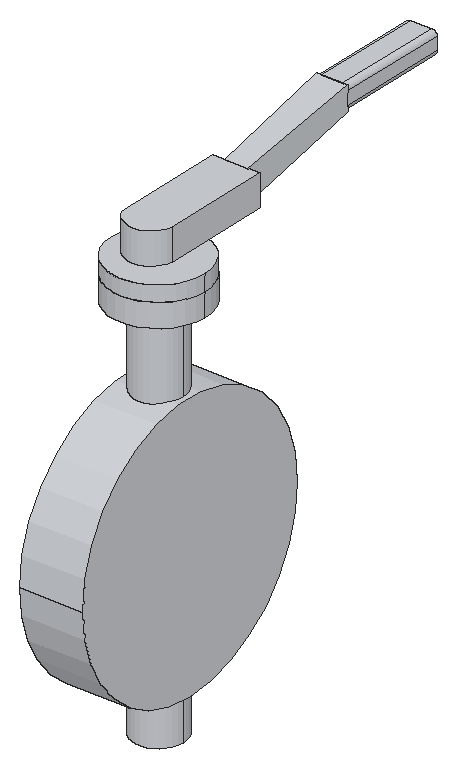
Revit family "HS497-68_disk-nerez_s pákou DN200-RFA_2019", category Pipe Accessories, Revit 2019
Family settings
  Round Connector Dimension = Use Diameter
  Part Type = Valve - Breaks Into
  Work Plane-Based = No
  Always vertical = Yes
  Cut with Voids When Loaded = No
  Shared = No
Parameters (values of type "HS 497-68_DN200_PN16_s pákou")
  magiProductId = "f88d96c7af224537a51e72d7d8fffe"
  magiProductFamilyId = "53cea81e6f374d17b8841d9c72ad77"
  magiPartTypeId = 305
  isMeasuringValve [instance] = no
  ang2D [instance] = 0.00°
  X11 = 61.456 mm
  X1 = 25.456 mm
  W2D = 1000 mm
  VersionID = "2.0/2017.9.26.1/ZETKAMA_497_001"
  Use Minimum Symbol Size [instance] = yes
  URL = "http://www.hydronic.cz"
  Type Comments = "mezipřírubová; nerezový disk; PN16; -10~+110°C (krátkodobě +120°C)"
  SW30 = no
  SW3 = no
  SW21 = no
  SW20 = yes
  SW2 = yes
  SW1 = no
  R = 100 mm
  QmdConnectorList = "301;D;302;D"
  Productdata [instance] = ""
  NC = 50 mm
  Manufacturer = "Hydronic Systems Prague s.r.o."
  MM20 = 25.456 mm
  MC Product Code = "121 200 (nerezový disk, s pákou; DN200; PN16, kvs2675)"
  M41 = 66 mm
  M4 = 44 mm
  LHL = 315 mm
  LHH3 = 3.75 mm
  LHH1 = 71.25 mm
  LH1 = 105 mm
  L4R__ve = -L4R  # -12.8 mm
  L4R = 12.8 mm
  L42__ve = -L42  # -96 mm
  L42 = 96 mm
  L41__ve = -L41  # -19.2 mm
  L41 = 19.2 mm
  L2D_Min = 3048 mm
  L2D = 216 mm
  L2 = 30 mm
  L1 = 48 mm
  L = 60 mm
  H = 33 mm
  G22 = 11.25 mm
  G2 = 22.5 mm
  G1 = 90 mm
  G = 90 mm
  F = 17 mm
  E44 = 31.25 mm
  E42 = 62.5 mm
  E4 = 125 mm
  E23 = 7.5 mm
  E22 = 30 mm
  E21 = 15 mm
  Description = "Mezipřírubová uzavírací klapka s pákou; nerezový disk, DN200; PN16; kvs2675"
  DR2 = 100 mm
  DR = 257 mm
  DD1 = 15.625 mm
  DD = 12.5 mm
  D = 200 mm
  CAT0 = yes
  B2__ve = -B2  # -70 mm
  B2 = 70 mm
  A2 = 22.5 mm
  A1 = 102.5 mm
Types (43, lengths in mm): name | magiProductId | X11 | X1 | Type Comments | SW30 | SW3 | SW20 | SW2 | SW1 | R | NC | Manufacturer | MM20 | MC Product Code | M41 | M4 | LHL | LHH3 | LHH1 | LH1 | L4R__ve | L4R | L42__ve | L42 | L41__ve | L41 | L2 | L1 | L | H | G | F | E44 | E42 | E4 | E23 | E22 | E21 | Description | DR2 | DR | DD1 | DD | D | B2__ve | B2 | A2 | A1
  HS 497-68_DN100_PN16_volné vřeteno | "65d1b245f4f142c78569c0602d5754" | 61.456 | 25.456 | "mezipřírubová; nerezový disk; PN16; -10~+110°C (krátkodobě +120°C)" | no | no | no | no | yes | 50 | 50 | "Hydronic Systems Prague s.r.o." | 25.456 | "124 100 (nerezový disk, s volným vřetenem; DN100; PN16, kvs512)" | 66 | 44 | 220 | 2.45 | 46.55 | 73.333 | -12.8 | 12.8 | -96 | 96 | -19.2 | 19.2 | 26 | 41.6 | 52 | 30 | 90 | 11 | 31.25 | 62.5 | 125 | 4.9 | 19.6 | 9.8 | "Mezipřírubová uzavírací klapka s volným vřetenem; nerezový disk, DN100; PN16; kvs512" | 50 | 147 | 15.625 | 12.5 | 100 | -56 | 56 | 16.5 | 98.5
  HS 497-68_DN100_PN16_převodové kolo | "11e91b807e674d428c8e796fcdcfe2" | 61.456 | 25.456 | "mezipřírubová; nerezový disk; PN16; -10~+110°C (krátkodobě +120°C)" | yes | yes | no | no | no | 50 | 50 | "Hydronic Systems Prague s.r.o." | 25.456 | "126 100 (nerezový disk, s převodovým kolem; DN100; PN16, kvs512)" | 65.25 | 43.5 | 220 | 2.45 | 46.55 | 73.333 | -12.8 | 12.8 | -96 | 96 | -19.2 | 19.2 | 26 | 41.6 | 52 | 30 | 90 | 11 | 31.25 | 62.5 | 125 | 4.9 | 19.6 | 9.8 | "Mezipřírubová uzavírací klapka s převodovým kolem; nerezový disk, DN100; PN16; kvs512" | 50 | 147 | 15.625 | 12.5 | 100 | -56 | 56 | 16.5 | 98.5
  HS 497-68_DN100_PN16_s pákou | "28172f0b3f4b47b28323ac71cf8749" | 61.456 | 25.456 | "mezipřírubová; nerezový disk; PN16; -10~+110°C (krátkodobě +120°C)" | no | no | yes | yes | no | 50 | 50 | "Hydronic Systems Prague s.r.o." | 25.456 | "121 100 (nerezový disk, s pákou; DN100; PN16, kvs512)" | 66 | 44 | 260 | 3 | 57 | 86.667 | -12.8 | 12.8 | -96 | 96 | -19.2 | 19.2 | 26 | 41.6 | 52 | 30 | 90 | 11 | 31.25 | 62.5 | 125 | 6 | 24 | 12 | "Mezipřírubová uzavírací klapka s pákou; nerezový disk, DN100; PN16; kvs512" | 50 | 147 | 15.625 | 12.5 | 100 | -56 | 56 | 16.5 | 98.5
  HS 497-68_DN125_PN16_volné vřeteno | "0d813d910fc14f628bb3c2efbd185c" | 61.456 | 25.456 | "mezipřírubová; nerezový disk; PN16; -10~+110°C (krátkodobě +120°C)" | no | no | no | no | yes | 62.5 | 50 | "Hydronic Systems Prague s.r.o." | 25.456 | "124 125 (nerezový disk, s volným vřetenem; DN125; PN16, kvs872)" | 66 | 44 | 220 | 2.45 | 46.55 | 73.333 | -12.8 | 12.8 | -96 | 96 | -19.2 | 19.2 | 28 | 44.8 | 56 | 33 | 90 | 14 | 31.25 | 62.5 | 125 | 4.9 | 19.6 | 9.8 | "Mezipřírubová uzavírací klapka s volným vřetenem; nerezový disk, DN125; PN16; kvs872" | 62.5 | 180 | 15.625 | 12.5 | 125 | -64 | 64 | 18 | 99.5
  HS 497-68_DN125_PN16_převodové kolo | "c56b7c13f372467684996fb1e0e229" | 61.456 | 25.456 | "mezipřírubová; nerezový disk; PN16; -10~+110°C (krátkodobě +120°C)" | yes | yes | no | no | no | 62.5 | 50 | "Hydronic Systems Prague s.r.o." | 25.456 | "126125 (nerezový disk, s převodovým kolem; DN125; PN16, kvs872)" | 65.25 | 43.5 | 220 | 2.45 | 46.55 | 73.333 | -13.5 | 13.5 | -101.25 | 101.25 | -20.25 | 20.25 | 28 | 44.8 | 56 | 33 | 90 | 14 | 40 | 80 | 160 | 4.9 | 19.6 | 9.8 | "Mezipřírubová uzavírací klapka s převodovým kolem; nerezový disk, DN125; PN16; kvs872" | 62.5 | 180 | 20 | 16 | 125 | -64 | 64 | 18 | 99.5
  HS 497-68_DN125_PN16_s pákou | "105993c79a91492399feef7931321a" | 61.456 | 25.456 | "mezipřírubová; nerezový disk; PN16; -10~+110°C (krátkodobě +120°C)" | no | no | yes | yes | no | 62.5 | 50 | "Hydronic Systems Prague s.r.o." | 25.456 | "121 125 (nerezový disk, s pákou; DN125; PN16, kvs872)" | 66 | 44 | 315 | 3.75 | 71.25 | 105 | -12.8 | 12.8 | -96 | 96 | -19.2 | 19.2 | 28 | 44.8 | 56 | 33 | 90 | 14 | 31.25 | 62.5 | 125 | 7.5 | 30 | 15 | "Mezipřírubová uzavírací klapka s pákou; nerezový disk, DN125; PN16; kvs872" | 62.5 | 180 | 15.625 | 12.5 | 125 | -64 | 64 | 18 | 99.5
  HS 497-68_DN150_PN16_volné vřeteno | "50c80cb8ab434f55ab7796e5ac1331" | 61.456 | 25.456 | "mezipřírubová; nerezový disk; PN16; -10~+110°C (krátkodobě +120°C)" | no | no | no | no | yes | 75 | 50 | "Hydronic Systems Prague s.r.o." | 25.456 | "124 150 (nerezový disk, s volným vřetenem; DN150; PN16, kvs1347)" | 66 | 44 | 220 | 2.45 | 46.55 | 73.333 | -12.8 | 12.8 | -96 | 96 | -19.2 | 19.2 | 28 | 44.8 | 56 | 33 | 90 | 14 | 31.25 | 62.5 | 125 | 4.9 | 19.6 | 9.8 | "Mezipřírubová uzavírací klapka s volným vřetenem; nerezový disk, DN150; PN16; kvs1347" | 75 | 206 | 15.625 | 12.5 | 150 | -58 | 58 | 19.3 | 98.7
  HS 497-68_DN150_PN16_převodové kolo | "d94a1a0cf83b476eb10011b327f709" | 61.456 | 25.456 | "mezipřírubová; nerezový disk; PN16; -10~+110°C (krátkodobě +120°C)" | yes | yes | no | no | no | 75 | 50 | "Hydronic Systems Prague s.r.o." | 25.456 | "126 150 (nerezový disk, s převodovým kolem; DN150; PN16, kvs1347)" | 65.25 | 43.5 | 220 | 2.45 | 46.55 | 73.333 | -13.5 | 13.5 | -101.25 | 101.25 | -20.25 | 20.25 | 28 | 44.8 | 56 | 33 | 90 | 14 | 40 | 80 | 160 | 4.9 | 19.6 | 9.8 | "Mezipřírubová uzavírací klapka s převodovým kolem; nerezový disk, DN150; PN16; kvs1347" | 75 | 206 | 20 | 16 | 150 | -58 | 58 | 19.3 | 98.7
  HS 497-68_DN150_PN16_s pákou | "4d2835523fe84828bc50ff0a5a0dfb" | 61.456 | 25.456 | "mezipřírubová; nerezový disk; PN16; -10~+110°C (krátkodobě +120°C)" | no | no | yes | yes | no | 75 | 50 | "Hydronic Systems Prague s.r.o." | 25.456 | "121 150 (nerezový disk, s pákou; DN150; PN16, kvs1347)" | 66 | 44 | 315 | 3.75 | 71.25 | 105 | -12.8 | 12.8 | -96 | 96 | -19.2 | 19.2 | 28 | 44.8 | 56 | 33 | 90 | 14 | 31.25 | 62.5 | 125 | 7.5 | 30 | 15 | "Mezipřírubová uzavírací klapka s pákou; nerezový disk, DN150; PN16; kvs1347" | 75 | 206 | 15.625 | 12.5 | 150 | -58 | 58 | 19.3 | 98.7
  HS 497-68_DN200_PN16_volné vřeteno | "5b29029eaeba47139ee1055a4b9201" | 61.456 | 25.456 | "mezipřírubová; nerezový disk; PN16; -10~+110°C (krátkodobě +120°C)" | no | no | no | no | yes | 100 | 50 | "Hydronic Systems Prague s.r.o." | 25.456 | "124 200 (nerezový disk, s volným vřetenem; DN200; PN16, kvs2675)" | 66 | 44 | 220 | 2.45 | 46.55 | 73.333 | -12.8 | 12.8 | -96 | 96 | -19.2 | 19.2 | 30 | 48 | 60 | 33 | 90 | 17 | 31.25 | 62.5 | 125 | 4.9 | 19.6 | 9.8 | "Mezipřírubová uzavírací klapka s volným vřetenem; nerezový disk, DN200; PN16; kvs2675" | 100 | 257 | 15.625 | 12.5 | 200 | -70 | 70 | 22.5 | 102.5
  HS 497-68_DN200_PN16_převodové kolo | "b2793cc1fcc44cf2a35062cd67c04f" | 61.456 | 25.456 | "mezipřírubová; nerezový disk; PN16; -10~+110°C (krátkodobě +120°C)" | yes | yes | no | no | no | 100 | 57 | "Hydronic Systems Prague s.r.o." | 25.456 | "126 200 (nerezový disk, s převodovým kolem; DN200; PN16, kvs2675)" | 78.75 | 52.5 | 220 | 2.45 | 46.55 | 73.333 | -15.2 | 15.2 | -114 | 114 | -22.8 | 22.8 | 30 | 48 | 60 | 33 | 90 | 17 | 50 | 100 | 200 | 4.9 | 19.6 | 9.8 | "Mezipřírubová uzavírací klapka s převodovým kolem; nerezový disk, DN200; PN16; kvs2675" | 100 | 257 | 25 | 20 | 200 | -70 | 70 | 22.5 | 102.5
  HS 497-68_DN200_PN16_s pákou | "f88d96c7af224537a51e72d7d8fffe" | 61.456 | 25.456 | "mezipřírubová; nerezový disk; PN16; -10~+110°C (krátkodobě +120°C)" | no | no | yes | yes | no | 100 | 50 | "Hydronic Systems Prague s.r.o." | 25.456 | "121 200 (nerezový disk, s pákou; DN200; PN16, kvs2675)" | 66 | 44 | 315 | 3.75 | 71.25 | 105 | -12.8 | 12.8 | -96 | 96 | -19.2 | 19.2 | 30 | 48 | 60 | 33 | 90 | 17 | 31.25 | 62.5 | 125 | 7.5 | 30 | 15 | "Mezipřírubová uzavírací klapka s pákou; nerezový disk, DN200; PN16; kvs2675" | 100 | 257 | 15.625 | 12.5 | 200 | -70 | 70 | 22.5 | 102.5
  HS 497-68_DN250_PN16_volné vřeteno | "b662e8305ca2402b9c510e66e6aa55" | 88.77 | 36.77 | "mezipřírubová; nerezový disk; PN16; -10~+110°C (krátkodobě +120°C)" | no | no | no | no | yes | 125 | 50 | "Hydronic Systems Prague s.r.o." | 36.77 | "124 250 (nerezový disk, s volným vřetenem; DN250; PN16, kvs4555)" | 66 | 44 | 220 | 2.45 | 46.55 | 73.333 | -12.8 | 12.8 | -96 | 96 | -19.2 | 19.2 | 34 | 54.4 | 68 | 23 | 130 | 22 | 31.25 | 62.5 | 125 | 4.9 | 19.6 | 9.8 | "Mezipřírubová uzavírací klapka s volným vřetenem; nerezový disk, DN250; PN16; kvs4555" | 125 | 324 | 15.625 | 12.5 | 250 | -85 | 85 | 28.25 | 129.25
  HS 497-68_DN250_PN16_převodové kolo | "5ee9016806664ddfaa2632711f295c" | 88.77 | 36.77 | "mezipřírubová; nerezový disk; PN16; -10~+110°C (krátkodobě +120°C)" | yes | yes | no | no | no | 125 | 70 | "Hydronic Systems Prague s.r.o." | 36.77 | "126 250 (nerezový disk, s převodovým kolem; DN250; PN16, kvs4555)" | 91.5 | 61 | 220 | 2.45 | 46.55 | 73.333 | -22.2 | 22.2 | -166.5 | 166.5 | -33.3 | 33.3 | 34 | 54.4 | 68 | 23 | 130 | 22 | 62.5 | 125 | 250 | 4.9 | 19.6 | 9.8 | "Mezipřírubová uzavírací klapka s převodovým kolem; nerezový disk, DN250; PN16; kvs4555" | 125 | 324 | 31.25 | 25 | 250 | -85 | 85 | 28.25 | 129.25
  HS 497-68_DN300_PN16_volné vřeteno | "e1886f51ff004380a649519258edf2" | 88.77 | 36.77 | "mezipřírubová; nerezový disk; PN16; -10~+110°C (krátkodobě +120°C)" | no | no | no | no | yes | 150 | 50 | "Hydronic Systems Prague s.r.o." | 36.77 | "124 300 (nerezový disk, s volným vřetenem; DN300; PN16, kvs7037)" | 66 | 44 | 220 | 2.45 | 46.55 | 73.333 | -12.8 | 12.8 | -96 | 96 | -19.2 | 19.2 | 39 | 62.4 | 78 | 23 | 130 | 22 | 31.25 | 62.5 | 125 | 4.9 | 19.6 | 9.8 | "Mezipřírubová uzavírací klapka s volným vřetenem; nerezový disk, DN300; PN16; kvs7037" | 150 | 376 | 15.625 | 12.5 | 300 | -90 | 90 | 30.8 | 127.2
  HS 497-68_DN300_PN16_převodové kolo | "6860f094f77d42088fbebc3c97f755" | 88.77 | 36.77 | "mezipřírubová; nerezový disk; PN16; -10~+110°C (krátkodobě +120°C)" | yes | yes | no | no | no | 150 | 70 | "Hydronic Systems Prague s.r.o." | 36.77 | "126 300 (nerezový disk, s převodovým kolem; DN300; PN16, kvs7037)" | 91.5 | 61 | 220 | 2.45 | 46.55 | 73.333 | -22.2 | 22.2 | -166.5 | 166.5 | -33.3 | 33.3 | 39 | 62.4 | 78 | 23 | 130 | 22 | 62.5 | 125 | 250 | 4.9 | 19.6 | 9.8 | "Mezipřírubová uzavírací klapka s převodovým kolem; nerezový disk, DN300; PN16; kvs7037" | 150 | 376 | 31.25 | 25 | 300 | -90 | 90 | 30.8 | 127.2
  HS 497-68_DN032_PN16_volné vřeteno | "8c5f65de52aa4067a77564107e31b2" | 61.456 | 25.456 | "mezipřírubová; nerezový disk; PN16; -10~+110°C (krátkodobě +120°C)" | no | no | no | no | yes | 16 | 50 | "Hydronic Systems Prague s.r.o." | 25.456 | "124 032 (nerezový disk, s volným vřetenem; DN32; PN16, kvs78)" | 66 | 44 | 220 | 2.45 | 46.55 | 73.333 | -12.8 | 12.8 | -96 | 96 | -19.2 | 19.2 | 16.5 | 26.4 | 33 | 30 | 90 | 11 | 31.25 | 62.5 | 125 | 4.9 | 19.6 | 9.8 | "Mezipřírubová uzavírací klapka s volným vřetenem; nerezový disk, DN32; PN16; kvs78" | 16 | 68 | 15.625 | 12.5 | 32 | -44.2 | 44.2 | 10.25 | 76.25
  HS 497-68_DN032_PN16_převodové kolo | "60aaeffa8b3a4e809ef000e4660060" | 61.456 | 25.456 | "mezipřírubová; nerezový disk; PN16; -10~+110°C (krátkodobě +120°C)" | yes | yes | no | no | no | 16 | 50 | "Hydronic Systems Prague s.r.o." | 25.456 | "126 032 (nerezový disk, s převodovým kolem; DN32; PN16, kvs78)" | 65.25 | 43.5 | 220 | 2.45 | 46.55 | 73.333 | -12.8 | 12.8 | -96 | 96 | -19.2 | 19.2 | 16.5 | 26.4 | 33 | 30 | 90 | 11 | 31.25 | 62.5 | 125 | 4.9 | 19.6 | 9.8 | "Mezipřírubová uzavírací klapka s převodovým kolem; nerezový disk, DN32; PN16; kvs78" | 16 | 68 | 15.625 | 12.5 | 32 | -44.2 | 44.2 | 10.25 | 76.25
  HS 497-68_DN032_PN16_s pákou | "9ad8088d610749a1b871aa2aad8007" | 61.456 | 25.456 | "mezipřírubová; nerezový disk; PN16; -10~+110°C (krátkodobě +120°C)" | no | no | yes | yes | no | 16 | 50 | "Hydronic Systems Prague s.r.o." | 25.456 | "121 032 (nerezový disk, s pákou; DN32; PN16, kvs78)" | 66 | 44 | 220 | 2.45 | 46.55 | 73.333 | -12.8 | 12.8 | -96 | 96 | -19.2 | 19.2 | 16.5 | 26.4 | 33 | 30 | 90 | 11 | 31.25 | 62.5 | 125 | 4.9 | 19.6 | 9.8 | "Mezipřírubová uzavírací klapka s pákou; nerezový disk, DN32; PN16; kvs78" | 16 | 68 | 15.625 | 12.5 | 32 | -44.2 | 44.2 | 10.25 | 76.25
  HS 497-68_DN350_PN10_volné vřeteno | "72a1e05f22944421b7e9596a877137" | 109.255 | 45.255 | "mezipřírubová; nerezový disk; PN10; -10~+110°C (krátkodobě +120°C)" | no | no | no | no | yes | 175 | 50 | "Hydronic Systems Prague s.r.o." | 45.255 | "124 350 (nerezový disk, s volným vřetenem; DN350; PN10, kvs10165)" | 66 | 44 | 220 | 2.45 | 46.55 | 73.333 | -12.8 | 12.8 | -96 | 96 | -19.2 | 19.2 | 39 | 62.4 | 78 | 31 | 160 | 22 | 31.25 | 62.5 | 125 | 4.9 | 19.6 | 9.8 | "Mezipřírubová uzavírací klapka s volným vřetenem; nerezový disk, DN350; PN10; kvs10165" | 175 | 430 | 15.625 | 12.5 | 350 | -88 | 88 | 33.85 | 129.65
  HS 497-68_DN350_PN10_převodové kolo | "a5a01426cb28494ba3afca92f1dace" | 109.255 | 45.255 | "mezipřírubová; nerezový disk; PN10; -10~+110°C (krátkodobě +120°C)" | yes | yes | no | no | no | 175 | 70 | "Hydronic Systems Prague s.r.o." | 45.255 | "126 350 (nerezový disk, s převodovým kolem; DN350; PN10, kvs10165)" | 91.5 | 61 | 220 | 2.45 | 46.55 | 73.333 | -22.2 | 22.2 | -166.5 | 166.5 | -33.3 | 33.3 | 39 | 62.4 | 78 | 31 | 160 | 22 | 62.5 | 125 | 250 | 4.9 | 19.6 | 9.8 | "Mezipřírubová uzavírací klapka s převodovým kolem; nerezový disk, DN350; PN10; kvs10165" | 175 | 430 | 31.25 | 25 | 350 | -88 | 88 | 33.85 | 129.65
  HS 497-68_DN400_PN10_volné vřeteno | "c70ebeb927c04ab99b176e257ad0a7" | 109.255 | 45.255 | "mezipřírubová; nerezový disk; PN10; -10~+110°C (krátkodobě +120°C)" | no | no | no | no | yes | 200 | 50 | "Hydronic Systems Prague s.r.o." | 45.255 | "124 400 (nerezový disk, s volným vřetenem; DN400; PN10, kvs13799)" | 66 | 44 | 220 | 2.45 | 46.55 | 73.333 | -12.8 | 12.8 | -96 | 96 | -19.2 | 19.2 | 51 | 81.6 | 102 | 31 | 160 | 27 | 31.25 | 62.5 | 125 | 4.9 | 19.6 | 9.8 | "Mezipřírubová uzavírací klapka s volným vřetenem; nerezový disk, DN400; PN10; kvs13799" | 200 | 485 | 15.625 | 12.5 | 400 | -108 | 108 | 38 | 142
  HS 497-68_DN400_PN10_převodové kolo | "cc64a4384dcb41b780d81810f4f293" | 109.255 | 45.255 | "mezipřírubová; nerezový disk; PN10; -10~+110°C (krátkodobě +120°C)" | yes | yes | no | no | no | 200 | 72.5 | "Hydronic Systems Prague s.r.o." | 45.255 | "126 400 (nerezový disk, s převodovým kolem; DN400; PN10, kvs13799)" | 103.5 | 69 | 220 | 2.45 | 46.55 | 73.333 | -27.8 | 27.8 | -208.5 | 208.5 | -41.7 | 41.7 | 51 | 81.6 | 102 | 31 | 160 | 27 | 75 | 150 | 300 | 4.9 | 19.6 | 9.8 | "Mezipřírubová uzavírací klapka s převodovým kolem; nerezový disk, DN400; PN10; kvs13799" | 200 | 485 | 37.5 | 30 | 400 | -108 | 108 | 38 | 142
  HS 497-68_DN040_PN16_volné vřeteno | "35f92312390745e88df5b5c325d9ee" | 61.456 | 25.456 | "mezipřírubová; nerezový disk; PN16; -10~+110°C (krátkodobě +120°C)" | no | no | no | no | yes | 20 | 50 | "Hydronic Systems Prague s.r.o." | 25.456 | "124 040 (nerezový disk, s volným vřetenem; DN40; PN16, kvs78)" | 66 | 44 | 220 | 2.45 | 46.55 | 73.333 | -12.8 | 12.8 | -96 | 96 | -19.2 | 19.2 | 16.5 | 26.4 | 33 | 30 | 90 | 11 | 31.25 | 62.5 | 125 | 4.9 | 19.6 | 9.8 | "Mezipřírubová uzavírací klapka s volným vřetenem; nerezový disk, DN40; PN16; kvs78" | 20 | 76 | 15.625 | 12.5 | 40 | -36 | 36 | 11 | 79
  HS 497-68_DN040_PN16_převodové kolo | "d88e968eae3445bc9b7b4e6ff35127" | 61.456 | 25.456 | "mezipřírubová; nerezový disk; PN16; -10~+110°C (krátkodobě +120°C)" | yes | yes | no | no | no | 20 | 50 | "Hydronic Systems Prague s.r.o." | 25.456 | "126 040 (nerezový disk, s převodovým kolem; DN40; PN16, kvs78)" | 65.25 | 43.5 | 220 | 2.45 | 46.55 | 73.333 | -12.8 | 12.8 | -96 | 96 | -19.2 | 19.2 | 16.5 | 26.4 | 33 | 30 | 90 | 11 | 31.25 | 62.5 | 125 | 4.9 | 19.6 | 9.8 | "Mezipřírubová uzavírací klapka s převodovým kolem; nerezový disk, DN40; PN16; kvs78" | 20 | 76 | 15.625 | 12.5 | 40 | -36 | 36 | 11 | 79
  HS 497-68_DN040_PN16_s pákou | "c1b522ca65b4407a98818f232eaacb" | 61.456 | 25.456 | "mezipřírubová; nerezový disk; PN16; -10~+110°C (krátkodobě +120°C)" | no | no | yes | yes | no | 20 | 50 | "Hydronic Systems Prague s.r.o." | 25.456 | "121 040 (nerezový disk, s pákou; DN40; PN16, kvs78)" | 66 | 44 | 220 | 2.45 | 46.55 | 73.333 | -12.8 | 12.8 | -96 | 96 | -19.2 | 19.2 | 16.5 | 26.4 | 33 | 30 | 90 | 11 | 31.25 | 62.5 | 125 | 4.9 | 19.6 | 9.8 | "Mezipřírubová uzavírací klapka s pákou; nerezový disk, DN40; PN16; kvs78" | 20 | 76 | 15.625 | 12.5 | 40 | -36 | 36 | 11 | 79
  HS 497-68_DN450_PN10_volné vřeteno | "a8358bc282f14872b3194e530e590a" | 129.74 | 53.74 | "mezipřírubová; nerezový disk; PN10; -10~+110°C (krátkodobě +120°C)" | no | no | no | no | yes | 225 | 50 | "Hydronic Systems Prague s.r.o." | 53.74 | "124 450 (nerezový disk, s volným vřetenem; DN450; PN10, kvs18514)" | 66 | 44 | 220 | 2.45 | 46.55 | 73.333 | -12.8 | 12.8 | -96 | 96 | -19.2 | 19.2 | 57 | 91.2 | 114 | 38 | 190 | 36 | 31.25 | 62.5 | 125 | 4.9 | 19.6 | 9.8 | "Mezipřírubová uzavírací klapka s volným vřetenem; nerezový, DN450; PN10; kvs18514" | 225 | 536 | 15.625 | 12.5 | 450 | -115 | 115 | 38.05 | 117.45
  HS 497-68_DN450_PN10_převodové kolo | "cdf2d80f54a9414f9cbe50647c0ebd" | 129.74 | 53.74 | "mezipřírubová; nerezový disk; PN10; -10~+110°C (krátkodobě +120°C)" | yes | yes | no | no | no | 225 | 91.5 | "Zetkama" | 53.74 | "126 450 (nerezový disk, s převodovým kolem; DN450; PN10, kvs18514)" | 144.75 | 96.5 | 220 | 2.45 | 46.55 | 73.333 | -32.1 | 32.1 | -240.75 | 240.75 | -48.15 | 48.15 | 57 | 91.2 | 114 | 38 | 190 | 36 | 100 | 200 | 400 | 4.9 | 19.6 | 9.8 | "Mezipřírubová uzavírací klapka s převodovým kolem; nerezový disk, DN450; PN10; kvs18514" | 225 | 536 | 50 | 40 | 450 | -115 | 115 | 38.05 | 117.45
  HS 497-68_DN500_PN10_volné vřeteno | "8c396e27bb2743f98f3c762b6517cd" | 143.397 | 59.397 | "mezipřírubová; nerezový disk; PN10; -10~+110°C (krátkodobě +120°C)" | no | no | no | no | yes | 250 | 50 | "Hydronic Systems Prague s.r.o." | 59.397 | "124 500 (nerezový disk, s volným vřetenem; DN500; PN10, kvs23805)" | 66 | 44 | 220 | 2.45 | 46.55 | 73.333 | -12.8 | 12.8 | -96 | 96 | -19.2 | 19.2 | 63.5 | 101.6 | 127 | 38 | 210 | 36 | 31.25 | 62.5 | 125 | 4.9 | 19.6 | 9.8 | "Mezipřírubová uzavírací klapka s volným vřetenem; nerezový disk, DN500; PN10; kvs23805" | 250 | 593 | 15.625 | 12.5 | 500 | -130 | 130 | 43.25 | 139.25
  HS 497-68_DN500_PN10_převodové kolo | "7647804f32e94cef828a7034a91a46" | 143.397 | 59.397 | "mezipřírubová; nerezový disk; PN10; -10~+110°C (krátkodobě +120°C)" | yes | yes | no | no | no | 250 | 91.5 | "Zetkama" | 59.397 | "126 500 (nerezový disk, s převodovým kolem; DN500; PN10, kvs23805)" | 144.75 | 96.5 | 220 | 2.45 | 46.55 | 73.333 | -32.1 | 32.1 | -240.75 | 240.75 | -48.15 | 48.15 | 63.5 | 101.6 | 127 | 38 | 210 | 36 | 100 | 200 | 400 | 4.9 | 19.6 | 9.8 | "Mezipřírubová uzavírací klapka s převodovým kolem; nerezový disk, DN500; PN10; kvs23805" | 250 | 593 | 50 | 40 | 500 | -130 | 130 | 43.25 | 139.25
  HS 497-68_DN050_volné vřeteno | "d71f296ecd6d4adf8f6e5d9853b4e0" | 61.456 | 25.456 | "mezipřírubová; nerezový disk; PN16; -10~+110°C (krátkodobě +120°C)" | no | no | no | no | yes | 25 | 50 | "Hydronic Systems Prague s.r.o." | 25.456 | "124 050 (nerezový disk, s volným vřetenem; DN50; PN16, kvs98)" | 66 | 44 | 220 | 2.45 | 46.55 | 73.333 | -12.8 | 12.8 | -96 | 96 | -19.2 | 19.2 | 21.5 | 34.4 | 43 | 30 | 90 | 11 | 31.25 | 62.5 | 125 | 4.9 | 19.6 | 9.8 | "Mezipřírubová uzavírací klapka s volným vřetenem; nerezový disk, DN50; PN16; kvs98" | 25 | 100 | 15.625 | 12.5 | 50 | -36.5 | 36.5 | 12 | 83
  HS 497-68_DN050_PN16_převodové kolo | "2fb080deeaed49c58418b94c1da5a4" | 61.456 | 25.456 | "mezipřírubová; nerezový disk; PN16; -10~+110°C (krátkodobě +120°C)" | yes | yes | no | no | no | 25 | 50 | "Hydronic Systems Prague s.r.o." | 25.456 | "126 050 (nerezový disk, s převodovým kolem; DN50; PN16, kvs98)" | 65.25 | 43.5 | 220 | 2.45 | 46.55 | 73.333 | -12.8 | 12.8 | -96 | 96 | -19.2 | 19.2 | 21.5 | 34.4 | 43 | 30 | 90 | 11 | 31.25 | 62.5 | 125 | 4.9 | 19.6 | 9.8 | "Mezipřírubová uzavírací klapka s převodovým kolem; nerezový disk, DN50; PN16; kvs98" | 25 | 100 | 15.625 | 12.5 | 50 | -36.5 | 36.5 | 12 | 83
  HS 497-68_DN050_PN16_s pákou | "dabc632061f94877a994b9b4e68112" | 61.456 | 25.456 | "mezipřírubová; nerezový disk; PN16; -10~+110°C (krátkodobě +120°C)" | no | no | yes | yes | no | 25 | 50 | "Hydronic Systems Prague s.r.o." | 25.456 | "121 050 (nerezový disk, s pákou; DN50; PN16, kvs98)" | 66 | 44 | 220 | 2.45 | 46.55 | 73.333 | -12.8 | 12.8 | -96 | 96 | -19.2 | 19.2 | 21.5 | 34.4 | 43 | 30 | 90 | 11 | 31.25 | 62.5 | 125 | 4.9 | 19.6 | 9.8 | "Mezipřírubová uzavírací klapka s pákou; nerezový disk, DN50; PN16; kvs98" | 25 | 100 | 15.625 | 12.5 | 50 | -36.5 | 36.5 | 12 | 83
  HS 497-68_DN600_PN10_volné vřeteno | "99d5892c14664fce81a7c5903f7711" | 143.397 | 59.397 | "mezipřírubová; nerezový disk; PN10; -10~+110°C (krátkodobě +120°C)" | no | no | no | no | yes | 300 | 50 | "Hydronic Systems Prague s.r.o." | 59.397 | "124 600 (nerezový disk, s volným vřetenem; DN600; PN10, kvs36778)" | 66 | 44 | 220 | 2.45 | 46.55 | 73.333 | -12.8 | 12.8 | -96 | 96 | -19.2 | 19.2 | 77 | 123.2 | 154 | 80 | 210 | 60 | 31.25 | 62.5 | 125 | 4.9 | 19.6 | 9.8 | "Mezipřírubová uzavírací klapka s volným vřetenem; nerezový disk, DN600; PN10; kvs36788" | 300 | 690 | 15.625 | 12.5 | 600 | -140 | 140 | 49.4 | 144.6
  HS 497-68_DN600_PN10_převodové kolo | "b1e26faab48a4c499f6bb11e7e3002" | 143.397 | 59.397 | "mezipřírubová; lnerezový disk; PN10; -10~+110°C (krátkodobě +120°C)" | yes | yes | no | no | no | 300 | 140 | "Hydronic Systems Prague s.r.o." | 59.397 | "126 600 (nerezový disk, s převodovým kolem; DN600; PN10, kvs36778)" | 206.25 | 137.5 | 220 | 2.45 | 46.55 | 73.333 | -40.8 | 40.8 | -306 | 306 | -61.2 | 61.2 | 77 | 123.2 | 154 | 80 | 210 | 60 | 125 | 250 | 500 | 4.9 | 19.6 | 9.8 | "Mezipřírubová uzavírací klapka s převodovým kolem; nerezový disk, DN600; PN10; kvs36788" | 300 | 690 | 62.5 | 50 | 600 | -140 | 140 | 49.4 | 144.6
  HS 497-68_DN065_PN16_volné vřeteno | "5e5e208646e34ec29f889baab5d08e" | 61.456 | 25.456 | "mezipřírubová; lnerezový disk; PN16; -10~+110°C (krátkodobě +120°C)" | no | no | no | no | yes | 32.5 | 50 | "Hydronic Systems Prague s.r.o." | 25.456 | "124 065 (nerezový disk, s volným vřetenem; DN65; PN16, kvs167)" | 66 | 44 | 220 | 2.45 | 46.55 | 73.333 | -12.8 | 12.8 | -96 | 96 | -19.2 | 19.2 | 23 | 36.8 | 46 | 30 | 90 | 11 | 31.25 | 62.5 | 125 | 4.9 | 19.6 | 9.8 | "Mezipřírubová uzavírací klapka s volným vřetenem; nerezový disk, DN65; PN16; kv167" | 32.5 | 108 | 15.625 | 12.5 | 65 | -36.5 | 36.5 | 13.5 | 89
  HS 497-68_DN065_PN16_převodové kolo | "654d74c8d15540b0bfe523d988ccb3" | 61.456 | 25.456 | "mezipřírubová; nerezový disk; PN16; -10~+110°C (krátkodobě +120°C)" | yes | yes | no | no | no | 32.5 | 50 | "Hydronic Systems Prague s.r.o." | 25.456 | "126 065 (nerezový disk, s převodovým kolem; DN65; PN16, kvs167)" | 65.25 | 43.5 | 220 | 2.45 | 46.55 | 73.333 | -12.8 | 12.8 | -96 | 96 | -19.2 | 19.2 | 23 | 36.8 | 46 | 30 | 90 | 11 | 31.25 | 62.5 | 125 | 4.9 | 19.6 | 9.8 | "Mezipřírubová uzavírací klapka s převodovým kolem; nerezový disk, DN65; PN16; kvs167" | 32.5 | 108 | 15.625 | 12.5 | 65 | -36.5 | 36.5 | 13.5 | 89
  HS 497-68_DN065_PN16_s pákou | "ebeb4b59db0641caaf6d6635ab37b9" | 61.456 | 25.456 | "mezipřírubová; nerezový disk; PN16; -10~+110°C (krátkodobě +120°C)" | no | no | yes | yes | no | 32.5 | 50 | "Hydronic Systems Prague s.r.o." | 25.456 | "121 065 (nerezový disk, s pákou; DN65; PN16, kvs167)" | 66 | 44 | 220 | 2.45 | 46.55 | 73.333 | -12.8 | 12.8 | -96 | 96 | -19.2 | 19.2 | 23 | 36.8 | 46 | 30 | 90 | 11 | 31.25 | 62.5 | 125 | 4.9 | 19.6 | 9.8 | "Mezipřírubová uzavírací klapka s pákou; nerezový disk, DN65; PN16; kvs167" | 32.5 | 108 | 15.625 | 12.5 | 65 | -36.5 | 36.5 | 13.5 | 89
  HS 497-68_DN080_PN16_volné vřeteno | "9e85c75c18654e1185a9c48ed6b00e" | 61.456 | 25.456 | "mezipřírubová; nerezový disk; PN16; -10~+110°C (krátkodobě +120°C)" | no | no | no | no | yes | 40 | 50 | "Hydronic Systems Prague s.r.o." | 25.456 | "124 080 (nerezový disk, s volným vřetenem; DN80; PN16, kvs258)" | 66 | 44 | 220 | 2.45 | 46.55 | 73.333 | -12.8 | 12.8 | -96 | 96 | -19.2 | 19.2 | 23 | 36.8 | 46 | 30 | 90 | 11 | 31.25 | 62.5 | 125 | 4.9 | 19.6 | 9.8 | "Mezipřírubová uzavírací klapka s volným vřetenem; nerezový disk, DN80; PN16; kvs258" | 40 | 124 | 15.625 | 12.5 | 80 | -54 | 54 | 14.1 | 86.9
  HS 497-68_DN080_PN16_převodové kolo | "5b3c8238c3d041e68c75b199e7ea46" | 61.456 | 25.456 | "mezipřírubová; nerezový disk; PN16; -10~+110°C (krátkodobě +120°C)" | yes | yes | no | no | no | 40 | 50 | "Hydronic Systems Prague s.r.o." | 25.456 | "126 080 (nerezový disk, s převodovým kolem; DN80; PN16, kvs258)" | 65.25 | 43.5 | 220 | 2.45 | 46.55 | 73.333 | -12.8 | 12.8 | -96 | 96 | -19.2 | 19.2 | 23 | 36.8 | 46 | 30 | 90 | 11 | 31.25 | 62.5 | 125 | 4.9 | 19.6 | 9.8 | "Mezipřírubová uzavírací klapka s převodovým kolem; nerezový disk, DN80; PN16; kvs258" | 40 | 124 | 15.625 | 12.5 | 80 | -54 | 54 | 14.1 | 86.9
  HS 497-68_DN080_PN16_s pákou | "e414795fab0f4eccb99bc3572c5477" | 61.456 | 25.456 | "mezipřírubová; nerezový disk; PN16; -10~+110°C (krátkodobě +120°C)" | no | no | yes | yes | no | 40 | 50 | "Hydronic Systems Prague s.r.o." | 25.456 | "121 080 (nerezový disk, s pákou; DN80; PN16, kvs258)" | 66 | 44 | 260 | 3 | 57 | 86.667 | -12.8 | 12.8 | -96 | 96 | -19.2 | 19.2 | 23 | 36.8 | 46 | 30 | 90 | 11 | 31.25 | 62.5 | 125 | 6 | 24 | 12 | "Mezipřírubová uzavírací klapka s pákou; nerezový disk, DN80; PN16; kvs258" | 40 | 124 | 15.625 | 12.5 | 80 | -54 | 54 | 14.1 | 86.9
  HS 497-68_DN250_PN16_s pákou | "" | 88.77 | 36.77 | "mezipřírubová; nerezový disk; PN16; -10~+110°C (krátkodobě +120°C)" | no | no | yes | yes | no | 125 | 70 | "Hydronic Systems Prague s.r.o." | 36.77 | "121 250 (nerezový disk, s ákou; DN250; PN16, kvs4555)" | 91.5 | 61 | 220 | 2.45 | 46.55 | 73.333 | -22.2 | 22.2 | -166.5 | 166.5 | -33.3 | 33.3 | 34 | 54.4 | 68 | 23 | 130 | 22 | 62.5 | 125 | 250 | 4.9 | 19.6 | 9.8 | "Mezipřírubová uzavírací klapka s pákou; nerezový disk, DN250; PN16; kvs4555" | 125 | 324 | 31.25 | 25 | 250 | -85 | 85 | 28.25 | 129.25
  HS 497-68_DN300_PN16_s pákou | "" | 88.77 | 36.77 | "mezipřírubová; nerezový disk; PN16; -10~+110°C (krátkodobě +120°C)" | no | no | yes | yes | no | 150 | 70 | "Hydronic Systems Prague s.r.o." | 36.77 | "121 300 (nerezový disk, s pákou; DN300; PN16, kvs7037)" | 91.5 | 61 | 220 | 2.45 | 46.55 | 73.333 | -22.2 | 22.2 | -166.5 | 166.5 | -33.3 | 33.3 | 39 | 62.4 | 78 | 23 | 130 | 22 | 62.5 | 125 | 250 | 4.9 | 19.6 | 9.8 | "Mezipřírubová uzavírací klapka s pákou; nerezový disk, DN300; PN16; kvs7037" | 150 | 376 | 31.25 | 25 | 300 | -90 | 90 | 30.8 | 127.2
Reference planes
  plane 1 "Center (Front/Back)": y = 0
  plane 2 "XYPLANE": z = 0
  plane 3 "Center (Left/Right)": x = 0
  plane 4 "473": x = -25.456
  plane 5 "472": x = -66
  plane 6 "471": y = -25.456
  plane 7 "470": y = 25.456
  plane 8 "469": x = -44
  plane 9 "468": y = -115.2
  plane 10 "467": y = -96
  plane 11 "466": z = 256.25
  plane 12 "465": z = 296.25
  plane 13 "464": y = 208.75
  plane 14 "463": z = 281.25
  plane 15 "462": z = 255
  plane 16 "461": z = 270
  plane 17 "460": y = 103.75
  plane 18 "459": x = -11.25
  plane 19 "458": x = 11.25
  plane 20 "457": y = -6.25
  plane 21 "456": x = -17.5
  plane 22 "455": x = 17.5
  plane 23 "454": z = 277.5
  plane 24 "453": y = 93.75
  plane 25 "452": y = -11.25
  plane 26 "451": x = -22.5
  plane 27 "450": x = 22.5
  plane 28 "449": z = 247.5
  plane 29 "448": z = 240
  plane 30 "447": z = -100
  plane 31 "446": z = 225
  plane 32 "445": z = 202.5
  plane 33 "444": z = 100
  plane 34 "443": x = 30
  plane 35 "442": x = -30
  plane 36 "441": z = 0
  plane 37 "440": y = 0
  plane 38 "439": x = 0
  plane 39 "438": z = 300
  plane 40 "437": z = 277.5
  plane 41 "436": x = 15
  plane 42 "435": x = -15
  plane 43 "434": y = 315
Forms (mm)
  Extrusion 1, solid, visible <- "SW3"
    sketch origin (-750, 0, 225) x (1, 0, 0) y (0, 1, 0)
      loop
        line (684, 25.456) -> (684, -25.456) -> (724.544, -25.456)
        arc (724.544, -25.456) -> (786, 0) -> (724.544, 25.456) r 36
        line (724.544, 25.456) -> (684, 25.456)
    from 0 to 62.5 <- "E42"
  Extrusion 2, solid, visible <- "SW30"
    sketch origin (0, -750, 0) x (0, 1, 0) y (0, 0, 1)
      loop
        circle (750, 256.25) r 7.813
    from 0 to 50 <- "NC"
  Extrusion 3, solid, visible <- "SW30"
    sketch origin (750, -115.2, 0) x (-1, 0, 0) y (0, 0, 1)
      loop
        circle (794, 256.25) r 62.5
    from 0 to -12.8 <- "L4R__ve"
  Extrusion 4, solid, visible <- "SW3"
    sketch origin (750, -96, 0) x (-1, 0, 0) y (0, 0, 1)
      loop
        circle (794, 256.25) r 7.813
    from 0 to -19.2 <- "L41__ve"
  Extrusion 5, solid, visible <- "SW30"
    sketch origin (750, 0, 0) x (-1, 0, 0) y (0, 0, 1)
      loop
        circle (794, 256.25) r 6.25
    from 0 to -96 <- "L42__ve"
  Blend 6, solid, visible <- "SW21"
    base sketch origin (750, 103.75, 0) x (-1, 0, 0) y (0, 0, 1)
      loop
        line (761.25, 270) -> (738.75, 270) -> (738.75, 255) -> (761.25, 255) -> (761.25, 270)
    top sketch origin (750, 103.75, 0) x (-1, 0, 0) y (0, 0, 1)
      loop
        line (761.25, 296.25) -> (738.75, 296.25) -> (738.75, 281.25) -> (761.25, 281.25) -> (761.25, 296.25)
    from 0 to 105
  Blend 7, solid, visible <- "SW21"
    base sketch origin (750, 93.75, 0) x (-1, 0, 0) y (0, 0, 1)
      loop
        line (761.25, 277.5) -> (738.75, 277.5) -> (738.75, 247.5) -> (761.25, 247.5) -> (761.25, 277.5)
    top sketch origin (750, 93.75, 0) x (-1, 0, 0) y (0, 0, 1)
      loop
        line (761.25, 270) -> (738.75, 270) -> (738.75, 255) -> (761.25, 255) -> (761.25, 270)
    from 0 to 10
  Blend 8, solid, visible <- "SW21"
    base sketch origin (-750, 0, 247.5) x (1, 0, 0) y (0, 1, 0)
      loop
        line (772.5, 93.75) -> (727.5, 93.75) -> (727.5, -11.25)
        arc (727.5, -11.25) -> (750, -31.25) -> (772.5, -11.25) r 22.656
        line (772.5, -11.25) -> (772.5, 93.75)
    top sketch origin (-750, 0, 247.5) x (1, 0, 0) y (0, 1, 0)
      loop
        line (767.5, 93.75) -> (732.5, 93.75) -> (732.5, -6.25)
        arc (732.5, -6.25) -> (750, -26.25) -> (767.5, -6.25) r 17.656
        line (767.5, -6.25) -> (767.5, 93.75)
    from 0 to 30
  Extrusion 9, solid, visible <- "SW2"
    sketch origin (-750, 0, 240) x (1, 0, 0) y (0, 1, 0)
      loop
        circle (750, 0) r 11.25
    from 0 to 7.5 <- "E23"
  Extrusion 10, solid, visible <- "SW2"
    sketch origin (-750, 0, 225) x (1, 0, 0) y (0, 1, 0)
      loop
        circle (750, 0) r 45
    from 0 to 15 <- "E21"
  Extrusion 11, solid, visible <- "CAT0"
    sketch origin (-750, 0, -100) x (1, 0, 0) y (0, 1, 0)
      loop
        circle (750, 0) r 24
    from 0 to -70 <- "B2__ve"
  Extrusion 12, solid, visible <- "CAT0"
    sketch origin (-750, 0, 202.5) x (1, 0, 0) y (0, 1, 0)
      loop
        circle (750, 0) r 45
    from 0 to 22.5 <- "A2"
  Extrusion 13, solid, visible <- "CAT0"
    sketch origin (-750, 0, 100) x (1, 0, 0) y (0, 1, 0)
      loop
        circle (750, 0) r 24
    from 0 to 102.5 <- "A1"
  Extrusion 14, solid, visible <- "CAT0"
    sketch origin (-30, -750, 0) x (0, 1, 0) y (0, 0, 1)
      loop
        circle (750, 0) r 128.5
    from 0 to 60 <- "L"
  Extrusion 15, solid, visible <- "SW1"
    sketch origin (-750, 0, 225) x (1, 0, 0) y (0, 1, 0)
      loop
        line (758.5, 8.5) -> (741.5, 8.5) -> (741.5, -8.5) -> (758.5, -8.5) -> (758.5, 8.5)
    from 0 to 33 <- "H"
  Blend 16, solid, visible <- "SW2"
    base sketch origin (750, 208.75, 0) x (-1, 0, 0) y (0, 0, 1)
      loop
        arc (765, 295) -> (763.536, 298.536) -> (760, 300) r 5
        line (760, 300) -> (740, 300)
        arc (740, 300) -> (736.464, 298.536) -> (735, 295) r 5
        line (735, 295) -> (735, 282.5)
        arc (735, 282.5) -> (736.464, 278.964) -> (740, 277.5) r 5
        line (740, 277.5) -> (760, 277.5)
        arc (760, 277.5) -> (763.536, 278.964) -> (765, 282.5) r 5
        line (765, 282.5) -> (765, 295)
    top sketch origin (750, 208.75, 0) x (-1, 0, 0) y (0, 0, 1)
      loop
        arc (765, 295) -> (763.536, 298.536) -> (760, 300) r 5
        line (760, 300) -> (740, 300)
        arc (740, 300) -> (736.464, 298.536) -> (735, 295) r 5
        line (735, 295) -> (735, 282.5)
        arc (735, 282.5) -> (736.464, 278.964) -> (740, 277.5) r 5
        line (740, 277.5) -> (760, 277.5)
        arc (760, 277.5) -> (763.536, 278.964) -> (765, 282.5) r 5
        line (765, 282.5) -> (765, 295)
    from 0 to 106.25
  Blend 17, solid, visible <- "SW20"
    base sketch origin (750, 208.75, 0) x (-1, 0, 0) y (0, 0, 1)
      loop
        line (765, 300) -> (735, 300) -> (735, 277.5) -> (765, 277.5) -> (765, 300)
    top sketch origin (750, 208.75, 0) x (-1, 0, 0) y (0, 0, 1)
      loop
        line (761.25, 277.5) -> (738.75, 277.5) -> (738.75, 247.5) -> (761.25, 247.5) -> (761.25, 277.5)
    from 0 to -115
  Extrusion 18, solid, visible <- "SW20"
    sketch origin (-750, 0, 247.5) x (1, 0, 0) y (0, 1, 0)
      loop
        line (772.5, 93.75) -> (727.5, 93.75) -> (727.5, -11.25)
        arc (727.5, -11.25) -> (750, -31.25) -> (772.5, -11.25) r 22.656
        line (772.5, -11.25) -> (772.5, 93.75)
    from 0 to 30 <- "E22"
  Extrusion 19, solid, not visible
    sketch origin (-30, -750, 0) x (0, 1, 0) y (0, 0, 1)
      loop
        circle (750, 0) r 10
    from 0 to 10
  Extrusion 20, solid, not visible
    sketch origin (30, -750, 0) x (0, 1, 0) y (0, 0, 1)
      loop
        circle (750, 0) r 10
    from 0 to -10
Lines and regions (mm)
  reference lines, not visible
    curve 1: circle (2, 2, 0) r 1 normal (0, 0, 1)
  reference lines
    curve 2: line (-25.456, -25.456, 225) -> (-25.456, 25.456, 225)
    curve 3: line (-17.5, -6.25, 247.5) -> (17.5, -6.25, 247.5)
    curve 4: line (-22.5, -11.25, 247.5) -> (22.5, -11.25, 247.5)
    curve 5: circle (0, 0, 225) r 1 normal (0, 0, 1)
    curve 6: line (-22.5, -11.25, 247.5) -> (22.5, -11.25, 247.5)
Dimensions and locks
  plane 1 "Center (Front/Back)" to curve 1 = 2 mm
  "X1": plane 3 "Center (Left/Right)" to plane 4 "473"
  "M41": plane 3 "Center (Left/Right)" to plane 5 "472"
  "MM20": plane 1 "Center (Front/Back)" to plane 6 "471"
  "MM20": plane 1 "Center (Front/Back)" to plane 7 "470"
  "M4": plane 3 "Center (Left/Right)" to plane 8 "469"
  "L41": plane 10 "467" to plane 9 "468"
  "L42": plane 1 "Center (Front/Back)" to plane 10 "467"
  "E44": plane 31 "446" to plane 11 "466"
  "LHH1": plane 31 "446" to plane 12 "465"
  "LH1": plane 17 "460" to plane 13 "464"
  "E21": plane 12 "465" to plane 14 "463"
  "E21": plane 16 "461" to plane 15 "462"
  "E23": plane 23 "454" to plane 16 "461"
  locked: plane 24 "453" to plane 17 "460" at 10
  "G22": plane 3 "Center (Left/Right)" to plane 18 "459"
  "G22": plane 3 "Center (Left/Right)" to plane 19 "458"
  locked: plane 25 "452" to plane 20 "457" at 5
  locked: plane 26 "451" to plane 21 "456" at 5
  locked: plane 27 "450" to plane 22 "455" at 5
  "E22": plane 28 "449" to plane 23 "454"
  "LH1": plane 25 "452" to plane 24 "453"
  "G22": plane 1 "Center (Front/Back)" to plane 25 "452"
  "G2": plane 3 "Center (Left/Right)" to plane 26 "451"
  "G2": plane 3 "Center (Left/Right)" to plane 27 "450"
  "E23": plane 29 "448" to plane 28 "449"
  "E21": plane 31 "446" to plane 29 "448"
  "R": plane 2 "XYPLANE" to plane 30 "447"
  "A2": plane 32 "445" to plane 31 "446"
  "A1": plane 33 "444" to plane 32 "445"
  "DR2": plane 2 "XYPLANE" to plane 33 "444"
  "L2": plane 3 "Center (Left/Right)" to plane 34 "443"
  "L2": plane 3 "Center (Left/Right)" to plane 35 "442"
  locked: plane 2 "XYPLANE" to plane 36 "441"
  locked: plane 1 "Center (Front/Back)" to plane 37 "440"
  locked: plane 3 "Center (Left/Right)" to plane 38 "439"
  "LHH3": plane 12 "465" to plane 39 "438"
  "LHH3": plane 14 "463" to plane 40 "437"
  "LHH3": plane 19 "458" to plane 41 "436"
  "LHH3": plane 18 "459" to plane 42 "435"
  "LHL": plane 1 "Center (Front/Back)" to plane 43 "434"
  "X11": curve 2 to Extrusion 1 sketch curve
  Extrusion 1 sketch curve to Extrusion 1 sketch curve = 0 mm  (x8)
  Blend 6 sketch curve to Blend 6 sketch curve = 0 mm  (x16)
  Blend 7 sketch curve to Blend 7 sketch curve = 0 mm  (x16)
  Blend 8 sketch curve to Blend 8 sketch curve = 0 mm  (x16)
  equal spacing: Extrusion 15 sketch curve, curve 5, Extrusion 15 sketch curve  (x2)
  "F": Extrusion 15 sketch curve to Extrusion 15 sketch curve  (x2)
  Blend 16 sketch curve to Blend 16 sketch curve = 0 mm  (x32)
  Blend 17 sketch curve to Blend 17 sketch curve = 0 mm  (x16)
  Extrusion 18 sketch curve to Extrusion 18 sketch curve = 0 mm  (x8)
  "DD1": diameter of Extrusion 2 sketch curve
  "E4": diameter of Extrusion 3 sketch curve
  "DD1": diameter of Extrusion 4 sketch curve
  "DD": diameter of Extrusion 5 sketch curve
  "G2": diameter of Extrusion 9 sketch curve
  "G1": diameter of Extrusion 10 sketch curve
  "L1": diameter of Extrusion 11 sketch curve
  "G": diameter of Extrusion 12 sketch curve
  "L1": diameter of Extrusion 13 sketch curve
  "DR": diameter of Extrusion 14 sketch curve
  radius of Blend 16 sketch curve = 5 mm  (x8)
  aligned and locked: level to plane 2 "XYPLANE"
  aligned and locked: Extrusion 1 sketch curve to plane 5 "472"
  aligned and locked: plane 7 "470" to Extrusion 1 sketch curve
  aligned and locked: plane 6 "471" to Extrusion 1 sketch curve
  aligned and locked: plane 5 "472" to Extrusion 1 sketch curve
  aligned and locked: plane 4 "473" to Extrusion 1 sketch curve  (x2)
  aligned and locked: plane 4 "473" to curve 2
  aligned and locked: plane 6 "471" to curve 2
  aligned and locked: plane 7 "470" to curve 2
  aligned and locked: Extrusion 1 sketch curve to plane 7 "470"
  aligned and locked: plane 11 "466" to Extrusion 2 sketch curve
  aligned and locked: plane 37 "440" to Extrusion 2 sketch curve
  aligned and locked: plane 8 "469" to Extrusion 3 sketch curve
  aligned and locked: plane 11 "466" to Extrusion 3 sketch curve
  aligned and locked: plane 8 "469" to Extrusion 4 sketch curve
  aligned and locked: plane 11 "466" to Extrusion 4 sketch curve
  aligned and locked: plane 8 "469" to Extrusion 5 sketch curve
  aligned and locked: plane 11 "466" to Extrusion 5 sketch curve
  aligned and locked: plane 12 "465" to Blend 6 sketch curve  (x2)
  aligned and locked: plane 18 "459" to Blend 6 sketch curve  (x4)
  aligned and locked: plane 19 "458" to Blend 6 sketch curve  (x4)
  aligned and locked: plane 14 "463" to Blend 6 sketch curve  (x2)
  aligned and locked: plane 16 "461" to Blend 6 sketch curve  (x2)
  aligned and locked: plane 15 "462" to Blend 6 sketch curve  (x2)
  aligned and locked: plane 13 "464" to Blend 6
  aligned and locked: plane 16 "461" to Blend 7 sketch curve  (x2)
  aligned and locked: plane 18 "459" to Blend 7 sketch curve  (x4)
  aligned and locked: plane 19 "458" to Blend 7 sketch curve  (x4)
  aligned and locked: plane 15 "462" to Blend 7 sketch curve  (x2)
  aligned and locked: plane 23 "454" to Blend 7 sketch curve  (x2)
  aligned and locked: plane 28 "449" to Blend 7 sketch curve  (x2)
  aligned and locked: plane 17 "460" to Blend 7
  aligned and locked: plane 24 "453" to Blend 8 sketch curve  (x4)
  aligned and locked: plane 22 "455" to Blend 8 sketch curve  (x2)
  aligned and locked: plane 21 "456" to Blend 8 sketch curve
  aligned and locked: plane 20 "457" to Blend 8 sketch curve  (x2)
  aligned and locked: curve 3 to plane 20 "457"
  aligned and locked: plane 21 "456" to curve 3
  aligned and locked: plane 22 "455" to curve 3
  aligned and locked: plane 27 "450" to Blend 8 sketch curve  (x2)
  aligned and locked: plane 26 "451" to Blend 8 sketch curve
  aligned and locked: plane 25 "452" to Blend 8 sketch curve  (x2)
  aligned and locked: curve 4 to plane 25 "452"
  aligned and locked: plane 26 "451" to curve 4
  aligned and locked: plane 27 "450" to curve 4
  aligned and locked: plane 23 "454" to Blend 8
  aligned and locked: plane 37 "440" to Extrusion 9 sketch curve
  aligned and locked: plane 38 "439" to Extrusion 9 sketch curve
  aligned and locked: plane 37 "440" to Extrusion 10 sketch curve
  aligned and locked: plane 38 "439" to Extrusion 10 sketch curve
  aligned and locked: plane 37 "440" to Extrusion 11 sketch curve
  aligned and locked: plane 38 "439" to Extrusion 11 sketch curve
  aligned and locked: plane 37 "440" to Extrusion 12 sketch curve
  aligned and locked: plane 38 "439" to Extrusion 12 sketch curve
  aligned and locked: plane 37 "440" to Extrusion 13 sketch curve
  aligned and locked: plane 38 "439" to Extrusion 13 sketch curve
  aligned and locked: plane 36 "441" to Extrusion 14 sketch curve
  aligned and locked: Extrusion 14 sketch curve to plane 37 "440"
  aligned and locked: plane 37 "440" to curve 5
  aligned and locked: plane 38 "439" to curve 5
  aligned and locked: plane 39 "438" to Blend 16 sketch curve  (x2)
  aligned and locked: plane 41 "436" to Blend 16 sketch curve  (x2)
  aligned and locked: Blend 16 sketch curve to plane 40 "437"  (x2)
  aligned and locked: Blend 16 sketch curve to plane 42 "435"  (x2)
  aligned and locked: plane 43 "434" to Blend 16
  aligned and locked: plane 23 "454" to Blend 17 sketch curve  (x2)
  aligned and locked: plane 18 "459" to Blend 17 sketch curve  (x2)
  aligned and locked: plane 19 "458" to Blend 17 sketch curve  (x2)
  aligned and locked: plane 28 "449" to Blend 17 sketch curve  (x2)
  aligned and locked: plane 39 "438" to Blend 17 sketch curve  (x2)
  aligned and locked: plane 42 "435" to Blend 17 sketch curve  (x2)
  aligned and locked: plane 41 "436" to Blend 17 sketch curve  (x2)
  aligned and locked: plane 40 "437" to Blend 17 sketch curve  (x2)
  aligned and locked: Blend 17 to plane 24 "453"
  aligned and locked: plane 24 "453" to Extrusion 18 sketch curve  (x2)
  aligned and locked: plane 27 "450" to Extrusion 18 sketch curve  (x2)
  aligned and locked: plane 26 "451" to Extrusion 18 sketch curve
  aligned and locked: plane 25 "452" to Extrusion 18 sketch curve  (x2)
  aligned and locked: curve 6 to plane 25 "452"
  aligned and locked: plane 26 "451" to curve 6
  aligned and locked: plane 27 "450" to curve 6
  aligned and locked: plane 36 "441" to Extrusion 19 sketch curve
  aligned and locked: Extrusion 19 sketch curve to plane 37 "440"
  aligned and locked: plane 36 "441" to Extrusion 20 sketch curve
  aligned and locked: Extrusion 20 sketch curve to plane 37 "440"
Automatic sketch dimensions
  Blend 8 sketch curve to plane 20 "457" = 2.344 mm  (x2)
  Extrusion 18 sketch curve to plane 20 "457" = 2.344 mm
  plane 25 "452" to Extrusion 19 sketch curve = 1.25 mm
  plane 25 "452" to Extrusion 20 sketch curve = 1.25 mm
  plane 3 "Center (Left/Right)" to curve 1 = 2 mm
  Extrusion 15 sketch curve to plane 3 "Center (Left/Right)" = 8.5 mm
  Extrusion 15 sketch curve to plane 20 "457" = 2.25 mm
  radius of curve 5 = 1 mm
  radius of curve 1 = 1 mm
Connectors
  piping at (-30, 0, 0), diameter 200, driven by "D"
    settings: on Extrusion 19, index 1, connector inside diameter 609.6 mm, connector length 0 mm, flow factor 0, pipe flow 0.0 L/s, pressure drop 0.0 Pa, fitting loss kfactor 0, connector angle 0.00°, fixture units 0, engagement length 0 mm, angle of deflection 0.00°, flow configuration 0, flow direction 0, fitting loss method 0, system type 29, joint type 0, gender type 0, connector reference index 2, connector utility 0, adjustable connector no, is connector primary yes, connector description ""
  piping at (30, 0, 0), diameter 200, driven by "D"
    settings: on Extrusion 20, index 2, connector inside diameter 609.6 mm, connector length 0 mm, flow factor 0, pipe flow 0.0 L/s, pressure drop 0.0 Pa, fitting loss kfactor 0, connector angle 0.00°, fixture units 0, engagement length 0 mm, angle of deflection 0.00°, flow configuration 0, flow direction 0, fitting loss method 0, system type 29, joint type 0, gender type 0, connector reference index 1, connector utility 0, adjustable connector no, is connector primary no, connector description ""
